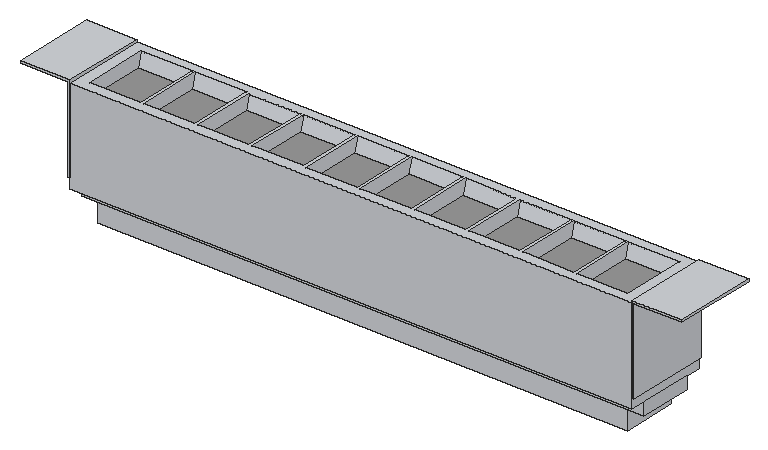
Revit family "2061175 Sylvania Lighting Fixture DOMINO 10xLED 940 BLACK NB TRIMLESS WHITE", category Lighting Fixtures, host Face, Revit 2018
Family settings
  Host = Face
  Round Connector Dimension = Use Diameter
  Part Type = Normal
  OmniClass Number = 23.80.70.00
  OmniClass Title = Lighting
  Cut with Voids When Loaded = No
  Light Source = Yes
  Shared = No
  Room Calculation Point = No
Parameters (values of type "2061175 DOMINO 10XLED 940 BLACK NB TS WHT ")
  top top width = 15.812 mm
  top top length = 255 mm
  Width = 50 mm
  Weight = "n/a"
  Wattage Comments = ""
  Wattage = 9.2903 W
  WarrantyStartDate [instance] = "n/a"
  WarrantyGuarantorParts = "n/a"
  WarrantyDurationUnit = "n/a"
  WarrantyDurationParts = ""
  WarrantyDescription = "http://www.sylvania-lighting.com"
  built-in parameter 1150110 = 1 (stored number, unit not read)
  Voltage = 0 V
  URL = "0.95"
  TypeName = "DOMINO 10xLED 940 BLACK NB TRIMLESS WHITE"
  Type Image = <None>
  Type Comments = "n/a"
  built-in parameter 1114217 = 1 (stored number, unit not read)
  Top Width = 26 mm
  Tilt Angle = 90.00°
  built-in parameter 1150109 = 1 (stored number, unit not read)
  built-in parameter 1150134 = 3
  built-in parameter 1150113 = 1 (stored number, unit not read)
  SerialNumber [instance] = "n/a"
  Recessed Width = 43 mm
  Recessed Length = 276 mm
  Photometric Web File = "2061175.ies"
  Material_3_FEILO = none
  PowerFactor = 0
  PowerConsumption = "Lighting"
  NominalLength = 41 mm
  NominalHeight = 0 mm
  NominalDepth = 0 mm
  Name = "DOMINO 10xLED 940 BLACK NB TRIMLESS WHITE"
  ModelReference = Name  # "DOMINO 10xLED 940 BLACK NB TRIMLESS WHITE"
  ModelNumber = "2061175"
  Model = Name  # "DOMINO 10xLED 940 BLACK NB TRIMLESS WHITE"
  Material = "Feilo Sylvania"
  ManufacturerName = "74 lm/W"
  Manufacturer = ""
  LuminousEfficacy = ""
  built-in parameter 1150105 = 109.82 (stored number, unit not read)
  Lumens = 1380 lm
  LuminaireType = "0"
  built-in parameter 1150115 = 1 (stored number, unit not read)
  LightOutputRatio = "LED"
  built-in parameter 1150137 = (empty or 0)
  built-in parameter 1150139 = (empty or 0)
  Lens inside recess = 25 mm
  Lens Width = 32 mm
  Lens Outside recess = 31.978 mm
  Lens = Glass, White, High Luminance
  Length = 280 mm
  LampsType = Lamp  # "n/a"
  LampNominalLuminous = "4000 K"
  LampMacAdamStep = "90"
  LampColourTemperature = "LED"
  LampColourRenderingIndex = "16500"
  built-in parameter 1150112 = 1 (stored number, unit not read)
  built-in parameter 1150114 = 1 (stored number, unit not read)
  Lamp = "n/a"
  Keynote = "n/a"
  InstallationDate [instance] = "n/a"
  InputVoltage = "0"
  InputNominalFrequency = "4000"
  built-in parameter 1150132 = (empty or 0)
  built-in parameter 1150102 = (empty or 0)
  built-in parameter 1150107 = 3200 (stored number, unit not read)
  built-in parameter 1150138 = (empty or 0)
  IngressProtection = "IfcLightFixtureType"
  ImpactProtectionIndex = "IfcLightFixtureType"
  built-in parameter 1150106 = 1.0982 (stored number, unit not read)
  IfcExportType = "IfcLightFixtureType"
  IfcExportAs = "Class II"
  Facia internal width = 37 mm
  Facia internal length = 268 mm
  Facia Height = 2 mm
  ExpectedLife = 50000
  Emit from Circle Diameter = 609.6 mm
  Emit Shape Visible in Rendering = no
  ElectricShockClassification = "74"
  built-in parameter 1150104 = 13.8 (stored number, unit not read)
  DurationUnit = "hours"
  DocumentationLiterature = "http://www.sylvania-lighting.com/product/en-int/products/2061175"
  DimmingControlOptions = "n/a"
  Material_2_FEILO = none
  Dimming Lamp Color Temperature Shift = <None>
  Description = "Modular LED recessed linear spotlight, ideal for retail and hospitality applications. Die-cast aluminium body, passive cooling. Two levels of reflector installation, low glaring UGR<16. 10x LED source, 15° beam angle , optics: PMMA lens and polycarbonate reflector combination, Black matt reflector finish. Light color temperature: 4000K neutral white, total system power: 23W , total fixture lumen output: 1700lm, efficacy: 74 lm/W, Ra90 typical, LED chromacity: 3 step MacAdam ellipse (SDCM3), lifespan: 96,000 hours at 90% of the original output (L90B10), IR/UV free light source without heat radiation, operating voltage: 220-240V / 50-60Hz, electronic driver, ultra low flicker, non-dimmable , electrical protection: Class II. Degree of Protection: IP40/IP20, suitable for indoor environment only. Ceiling cut-out: 42x42mm, outer dimensions:  272x41mm , trimless frame RAL 9016 - Traffic white / Bezel color.5 years Warranty."
  Default Elevation = 1219.2 mm
  CreatedOn = "11/02/2021"
  CreatedBy = "@sylvania-lighting.com"
  Cost = 0
  Color Filter = 16777215
  built-in parameter 1114216 [instance] = (empty or 0)
  ClassificationValue = "EF_70_80"
  ClassificationName = "Uniclass2015"
  Material_1_FEILO = none
  Body Width = 40 mm
  Body Length = 270 mm
  BarCode [instance] = "n/a"
  built-in parameter 1114218 = 1 (stored number, unit not read)
  built-in parameter 1150133 = 10 (stored number, unit not read)
  AssetType = "Fixed"
  AssetIdentifier [instance] = "n/a"
  Assembly Code = "D5020200"
  Apparent Load = 23 VA
  Material_4_FEILO = none
Reference planes
  plane 1 "Center (Front/Back)": y = 0
  plane 2: z = 0
  plane 3 "Center (Left/Right)": x = 0
  plane 4: z = 0
  plane 5: z = -7
  plane 6: z = -45.895
  plane 7: z = -51.895
  plane 8: z = -60.895
  plane 9: x = -138
  plane 10: x = 138
  plane 11: y = 21.5
  plane 12: y = -21.5
  plane 13: x = -140
  plane 14: x = 140
  plane 15: y = 25
  plane 16: y = -25
  plane 17: x = 134
  plane 18: x = -134
  plane 19: y = 18.5
  plane 20: y = -18.5
  plane 21: z = 2
  plane 22: x = -135
  plane 23: x = 135
  plane 24: y = 20
  plane 25: y = -20
  plane 26: y = 13
  plane 27: y = -13
  plane 28: x = 127.5
  plane 29: x = -127.5
  plane 30: x = -132
  plane 31: y = 16.5
  plane 32: y = -16.472
  plane 33: y = 13
  plane 34: y = -12.972
  plane 35: x = 129.7
  plane 36: x = 127.224
  plane 37: x = -136
  plane 38: z = 1
  plane 39: x = -159
  plane 40: z = -41
  plane 41: x = 159
  plane 42: x = 136
Forms (mm)
  Extrusion 1, solid, not visible, detail levels medium+fine
    sketch origin (4.2, 0, 0) x (1, 0, 0) y (0, 1, 0)
      loop
        line (-29.2, 34.5) -> (-29.2, -34.5) -> (20.8, -34.5) -> (20.8, 34.5) -> (-29.2, 34.5)
    from 0 to 1
  Extrusion 2, solid, not visible, detail levels medium+fine
    sketch origin (4.044, 0, 0) x (1, 0, 0) y (0, 1, 0)
      loop
        line (-29.2, 34.5) -> (-29.2, -34.5) -> (20.8, -34.5) -> (20.8, 34.5) -> (-29.2, 34.5)
    from 0 to 1
  Blend 3, solid, not visible, detail levels medium+fine
    base sketch origin (4.2, 0, 0) x (1, 0, 0) y (0, 1, 0)
      loop
        line (-29.2, 34.5) -> (-29.2, -34.5) -> (20.8, -34.5) -> (20.8, 34.5) -> (-29.2, 34.5)
    top sketch origin (4.2, 0, 0) x (1, 0, 0) y (0, 1, 0)
      loop
        line (-21.7, 28) -> (-21.7, -28) -> (13.3, -28) -> (13.3, 28) -> (-21.7, 28)
    from 1 to 3
  Extrusion 4, solid, not visible, detail levels medium+fine
    sketch origin (3.419, 0, 0) x (1, 0, 0) y (0, 1, 0)
      loop
        line (-29.2, 34.5) -> (-29.2, -34.5) -> (20.8, -34.5) -> (20.8, 34.5) -> (-29.2, 34.5)
    from 0 to 1
  Blend 5, solid, not visible, detail levels medium+fine
    base sketch origin (3.575, 0, 0) x (1, 0, 0) y (0, 1, 0)
      loop
        line (-29.2, 34.5) -> (-29.2, -34.5) -> (20.8, -34.5) -> (20.8, 34.5) -> (-29.2, 34.5)
    top sketch origin (3.575, 0, 0) x (1, 0, 0) y (0, 1, 0)
      loop
        line (-21.7, 28) -> (-21.7, -28) -> (13.3, -28) -> (13.3, 28) -> (-21.7, 28)
    from 1 to 3
  Extrusion 6, solid, not visible, detail levels medium+fine
    sketch origin (4.247, 0, 0) x (1, 0, 0) y (0, 1, 0)
      loop
        line (-29.2, 34.5) -> (-29.2, -34.5) -> (20.8, -34.5) -> (20.8, 34.5) -> (-29.2, 34.5)
    from 0 to 1
  Blend 7, solid, not visible, detail levels medium+fine
    base sketch origin (4.403, 0, 0) x (1, 0, 0) y (0, 1, 0)
      loop
        line (-29.2, 34.5) -> (-29.2, -34.5) -> (20.8, -34.5) -> (20.8, 34.5) -> (-29.2, 34.5)
    top sketch origin (4.403, 0, 0) x (1, 0, 0) y (0, 1, 0)
      loop
        line (-21.7, 28) -> (-21.7, -28) -> (13.3, -28) -> (13.3, 28) -> (-21.7, 28)
    from 1 to 3
  Extrusion 8, void, detail levels medium+fine
    sketch origin (4.2, 0, 0) x (0, 1, 0) y (1, 0, 0)
      loop
        line (21.5, -142.2) -> (21.5, 133.8) -> (-21.5, 133.8) -> (-21.5, -142.2) -> (21.5, -142.2)
    from -9.934 to 83.097
  Extrusion 9, solid, detail levels medium+fine
    sketch origin (4.2, 0, 0) x (1, 0, 0) y (0, 1, 0)
      loop
        line (-139.2, 20) -> (-139.2, -20) -> (130.8, -20) -> (130.8, 20) -> (-139.2, 20)
    from 0 to -45.895
  Extrusion 10, solid, detail levels medium+fine
    sketch origin (4.2, 0, 0) x (1, 0, 0) y (0, 1, 0)
      loop
        line (-139.2, 13) -> (-139.2, -13) -> (130.8, -13) -> (130.8, 13) -> (-139.2, 13)
    from -51.895 to -45.895
  Extrusion 11, solid, material "Glass, White, High Luminance" <- "Lens", detail levels fine
    sketch origin (-53.155, 1221.106, 36.156) x (1, 0, 0) y (0, 1, 0)
      loop
        line (-76.18, -1206.856) -> (-76.18, -1232.856) -> (-52.18, -1232.856) -> (-52.18, -1206.856) -> (-76.18, -1206.856)
    from -43.156 to -42.182
  Extrusion 12, solid, detail levels fine
    sketch origin (0, 0, 0) x (1, 0, 0) y (0, 0, 1)
      loop
        line (-127.5, -51.895) -> (-127.5, -60.895) -> (127.5, -60.895) -> (127.5, -51.895) -> (-127.5, -51.895)
    from -13 to 13
  Blend 13, void
    base sketch origin (-59.8, 0, 0) x (0, 1, 0) y (-1, 0, 0)
      loop
        line (16.5, 69.7) -> (-16.472, 69.7) -> (-16.472, 44.7) -> (16.5, 44.7) -> (16.5, 69.7)
    top sketch origin (-59.8, 0, 0) x (0, 1, 0) y (-1, 0, 0)
      loop
        line (13, 69.2) -> (-12.972, 69.2) -> (-12.972, 45.2) -> (13, 45.2) -> (13, 69.2)
    from 3 to -7
  Blend 14, void
    base sketch origin (18.282, 0, 0) x (0, 1, 0) y (-1, 0, 0)
      loop
        line (16.5, 69.7) -> (-16.472, 69.7) -> (-16.472, 44.7) -> (16.5, 44.7) -> (16.5, 69.7)
    top sketch origin (18.282, 0, 0) x (0, 1, 0) y (-1, 0, 0)
      loop
        line (13, 69.2) -> (-12.972, 69.2) -> (-12.972, 45.2) -> (13, 45.2) -> (13, 69.2)
    from 3 to -7
  Blend 15, void
    base sketch origin (44.284, -0.017, 0) x (0, 1, 0) y (-1, 0, 0)
      loop
        line (16.5, 69.7) -> (-16.472, 69.7) -> (-16.472, 44.7) -> (16.5, 44.7) -> (16.5, 69.7)
    top sketch origin (44.284, -0.017, 0) x (0, 1, 0) y (-1, 0, 0)
      loop
        line (13, 69.2) -> (-12.972, 69.2) -> (-12.972, 45.2) -> (13, 45.2) -> (13, 69.2)
    from 3 to -7
  Blend 16, void
    base sketch origin (70.327, 0, 0) x (0, 1, 0) y (-1, 0, 0)
      loop
        line (16.5, 69.7) -> (-16.472, 69.7) -> (-16.472, 44.7) -> (16.5, 44.7) -> (16.5, 69.7)
    top sketch origin (70.327, 0, 0) x (0, 1, 0) y (-1, 0, 0)
      loop
        line (13, 69.2) -> (-12.972, 69.2) -> (-12.972, 45.2) -> (13, 45.2) -> (13, 69.2)
    from 3 to -7
  Blend 17, void
    base sketch origin (96.351, 0, 0) x (0, 1, 0) y (-1, 0, 0)
      loop
        line (16.5, 69.7) -> (-16.472, 69.7) -> (-16.472, 44.7) -> (16.5, 44.7) -> (16.5, 69.7)
    top sketch origin (96.351, 0, 0) x (0, 1, 0) y (-1, 0, 0)
      loop
        line (13, 69.2) -> (-12.972, 69.2) -> (-12.972, 45.2) -> (13, 45.2) -> (13, 69.2)
    from 3 to -7
  Extrusion 18, solid, material "Glass, White, High Luminance" <- "Lens", detail levels fine
    sketch origin (-29.269, 1219.946, 36.156) x (1, 0, 0) y (0, 1, 0)
      loop
        line (-73.723, -1206.946) -> (-73.723, -1232.946) -> (-49.723, -1232.946) -> (-49.723, -1206.946) -> (-73.723, -1206.946)
    from -43.156 to -42.182
  Extrusion 19, solid, material "Glass, White, High Luminance" <- "Lens", detail levels fine
    sketch origin (-0.613, 1219.733, 36.156) x (1, 0, 0) y (0, 1, 0)
      loop
        line (-76.347, -1206.7) -> (-76.347, -1232.733) -> (-52.347, -1232.733) -> (-52.347, -1206.7) -> (-76.347, -1206.7)
    from -43.156 to -42.182
  Extrusion 20, solid, material "Glass, White, High Luminance" <- "Lens", detail levels fine
    sketch origin (24.387, 1218.509, 36.156) x (1, 0, 0) y (0, 1, 0)
      loop
        line (-75.305, -1205.509) -> (-75.305, -1231.509) -> (-51.305, -1231.509) -> (-51.305, -1205.509) -> (-75.305, -1205.509)
    from -43.156 to -42.182
  Extrusion 21, solid, material "Glass, White, High Luminance" <- "Lens", detail levels fine
    sketch origin (51.187, 1219.547, 36.156) x (1, 0, 0) y (0, 1, 0)
      loop
        line (-76.102, -1206.547) -> (-76.102, -1232.547) -> (-52.102, -1232.547) -> (-52.102, -1206.547) -> (-76.102, -1206.547)
    from -43.156 to -42.182
  Blend 22, void
    base sketch origin (-33.792, 0, 0) x (0, 1, 0) y (-1, 0, 0)
      loop
        line (16.5, 69.7) -> (-16.472, 69.7) -> (-16.472, 44.7) -> (16.5, 44.7) -> (16.5, 69.7)
    top sketch origin (-33.792, 0, 0) x (0, 1, 0) y (-1, 0, 0)
      loop
        line (13, 69.2) -> (-12.972, 69.2) -> (-12.972, 45.2) -> (13, 45.2) -> (13, 69.2)
    from 3 to -7
  Blend 23, void
    base sketch origin (-7.76, 0, 0) x (0, 1, 0) y (-1, 0, 0)
      loop
        line (16.5, 69.7) -> (-16.472, 69.7) -> (-16.472, 44.7) -> (16.5, 44.7) -> (16.5, 69.7)
    top sketch origin (-7.76, 0, 0) x (0, 1, 0) y (-1, 0, 0)
      loop
        line (13, 69.2) -> (-12.972, 69.2) -> (-12.972, 45.2) -> (13, 45.2) -> (13, 69.2)
    from 3 to -7
  Blend 24, void
    base sketch origin (122.411, 0, 0) x (0, 1, 0) y (-1, 0, 0)
      loop
        line (16.5, 69.7) -> (-16.472, 69.7) -> (-16.472, 44.7) -> (16.5, 44.7) -> (16.5, 69.7)
    top sketch origin (122.411, 0, 0) x (0, 1, 0) y (-1, 0, 0)
      loop
        line (13, 69.2) -> (-12.972, 69.2) -> (-12.972, 45.2) -> (13, 45.2) -> (13, 69.2)
    from 3 to -7
  Extrusion 25, solid, material "Glass, White, High Luminance" <- "Lens", detail levels fine
    sketch origin (77.265, 1219.547, 36.156) x (1, 0, 0) y (0, 1, 0)
      loop
        line (-76.102, -1206.547) -> (-76.102, -1232.547) -> (-52.102, -1232.547) -> (-52.102, -1206.547) -> (-76.102, -1206.547)
    from -43.156 to -42.182
  Extrusion 26, solid, material "Glass, White, High Luminance" <- "Lens", detail levels fine
    sketch origin (100.753, 1219.547, 36.156) x (1, 0, 0) y (0, 1, 0)
      loop
        line (-76.102, -1206.547) -> (-76.102, -1232.547) -> (-52.102, -1232.547) -> (-52.102, -1206.547) -> (-76.102, -1206.547)
    from -43.156 to -42.182
  Extrusion 27, solid, material "Glass, White, High Luminance" <- "Lens", detail levels fine
    sketch origin (129.314, 1219.547, 36.156) x (1, 0, 0) y (0, 1, 0)
      loop
        line (-76.102, -1206.547) -> (-76.102, -1232.547) -> (-52.102, -1232.547) -> (-52.102, -1206.547) -> (-76.102, -1206.547)
    from -43.156 to -42.182
  Blend 28, void
    base sketch origin (148.416, 0, 0) x (0, 1, 0) y (-1, 0, 0)
      loop
        line (16.5, 69.7) -> (-16.472, 69.7) -> (-16.472, 44.7) -> (16.5, 44.7) -> (16.5, 69.7)
    top sketch origin (148.416, 0, 0) x (0, 1, 0) y (-1, 0, 0)
      loop
        line (13, 69.2) -> (-12.972, 69.2) -> (-12.972, 45.2) -> (13, 45.2) -> (13, 69.2)
    from 3 to -7
  Extrusion 29, solid, material "Glass, White, High Luminance" <- "Lens", detail levels fine
    sketch origin (155.278, 1219.547, 36.156) x (1, 0, 0) y (0, 1, 0)
      loop
        line (-76.102, -1206.547) -> (-76.102, -1232.547) -> (-52.102, -1232.547) -> (-52.102, -1206.547) -> (-76.102, -1206.547)
    from -43.156 to -42.182
  Blend 30, void
    base sketch origin (174.42, 0, 0) x (0, 1, 0) y (-1, 0, 0)
      loop
        line (16.5, 69.7) -> (-16.472, 69.7) -> (-16.472, 44.7) -> (16.5, 44.7) -> (16.5, 69.7)
    top sketch origin (174.42, 0, 0) x (0, 1, 0) y (-1, 0, 0)
      loop
        line (13, 69.2) -> (-12.972, 69.2) -> (-12.972, 45.2) -> (13, 45.2) -> (13, 69.2)
    from 3 to -7
  Extrusion 31, solid, material "Glass, White, High Luminance" <- "Lens", detail levels fine
    sketch origin (181.434, 1219.547, 36.156) x (1, 0, 0) y (0, 1, 0)
      loop
        line (-76.214, -1206.547) -> (-76.214, -1232.547) -> (-52.214, -1232.547) -> (-52.214, -1206.547) -> (-76.214, -1206.547)
    from -43.156 to -42.182
  Extrusion 32, solid, detail levels coarse
    sketch origin (4.2, 0, 0) x (1, 0, 0) y (0, 1, 0)
      loop
        line (-163.2, 25) -> (-163.2, -25) -> (154.8, -25) -> (154.8, 25) -> (-163.2, 25)
    from -60.895 to 1
  Extrusion 33, solid, detail levels medium+fine
    sketch origin (0, 0, 0) x (1, 0, 0) y (0, 0, 1)
      loop
        line (-135, -41) -> (-135, 1) -> (-159, 1) -> (-159, 0) -> (-136, 0) -> (-136, -41) -> (-135, -41)
    from -20 to 20
  Extrusion 34, solid, detail levels medium+fine
    sketch origin (0, 0, 0) x (1, 0, 0) y (0, 0, 1)
      loop
        line (159, 1) -> (135, 1) -> (135, -41) -> (136, -41) -> (136, 0) -> (159, 0) -> (159, 1)
    from -20 to 20
Cuts and joins
  Blend 13, Blend 14, Blend 15, Blend 16, Blend 17, Blend 22, Blend 23, Blend 24, Blend 28, Blend 30 cuts Extrusion 9
  Blend 30 cuts Extrusion 29
Dimensions and locks
  "Recessed Length": plane 9 to plane 10
  equal spacing: plane 9, plane 3 "Center (Left/Right)", plane 10
  "Length": plane 13 to plane 14
  equal spacing: plane 13, plane 3 "Center (Left/Right)", plane 14
  "Recessed Width": plane 11 to plane 12
  equal spacing: plane 11, plane 1 "Center (Front/Back)", plane 12
  "Width": plane 15 to plane 16
  equal spacing: plane 15, plane 1 "Center (Front/Back)", plane 16
  "Facia internal length": plane 18 to plane 17
  equal spacing: plane 18, plane 3 "Center (Left/Right)", plane 17
  "Facia internal width": plane 19 to plane 20
  equal spacing: plane 19, plane 1 "Center (Front/Back)", plane 20
  "Facia Height": plane 21 to host face
  "Body Length": plane 22 to plane 23
  equal spacing: plane 22, plane 3 "Center (Left/Right)", plane 23
  "Body Width": plane 24 to plane 25
  equal spacing: plane 24, plane 1 "Center (Front/Back)", plane 25
  "Top Width": plane 26 to plane 27
  equal spacing: plane 26, plane 1 "Center (Front/Back)", plane 27
  "top top length": plane 29 to plane 28
  equal spacing: plane 29, plane 3 "Center (Left/Right)", plane 28  (x2)
  plane 28 to plane 29 = 255 mm
  equal spacing: plane 28, plane 3 "Center (Left/Right)", plane 29
  aligned and locked: plane 2 to host face
  aligned and locked: level to host face
  aligned and locked: Extrusion 10 to plane 7
  aligned and locked: Extrusion 9 to plane 6
  aligned and locked: Extrusion 11 to plane 5
Automatic sketch dimensions
  Extrusion 1 sketch curve to Extrusion 1 sketch curve = 50 mm
  Extrusion 1 sketch curve to Extrusion 1 sketch curve = 69 mm
  Extrusion 2 sketch curve to Extrusion 2 sketch curve = 50 mm
  Extrusion 2 sketch curve to Extrusion 2 sketch curve = 69 mm
  Blend 3 sketch curve to Blend 3 sketch curve = 50 mm
  Blend 3 sketch curve to Blend 3 sketch curve = 69 mm
  Blend 3 sketch curve to Blend 3 sketch curve = 35 mm
  Blend 3 sketch curve to Blend 3 sketch curve = 56 mm
  Extrusion 4 sketch curve to Extrusion 4 sketch curve = 50 mm
  Extrusion 4 sketch curve to Extrusion 4 sketch curve = 69 mm
  Blend 5 sketch curve to Blend 5 sketch curve = 50 mm
  Blend 5 sketch curve to Blend 5 sketch curve = 69 mm
  Blend 5 sketch curve to Blend 5 sketch curve = 35 mm
  Blend 5 sketch curve to Blend 5 sketch curve = 56 mm
  Extrusion 6 sketch curve to Extrusion 6 sketch curve = 50 mm
  Extrusion 6 sketch curve to Extrusion 6 sketch curve = 69 mm
  Blend 7 sketch curve to Blend 7 sketch curve = 50 mm
  Blend 7 sketch curve to Blend 7 sketch curve = 69 mm
  Blend 7 sketch curve to Blend 7 sketch curve = 35 mm
  Blend 7 sketch curve to Blend 7 sketch curve = 56 mm
  host sketch curve to host sketch curve = 2438.4 mm  (x2)
  Extrusion 8 sketch curve to plane 9 = 0 mm
  Extrusion 8 sketch curve to plane 12 = 0 mm
  Extrusion 8 sketch curve to plane 11 = 0 mm
  Extrusion 8 sketch curve to plane 10 = 0 mm
  Extrusion 9 sketch curve to plane 22 = 0 mm
  Extrusion 9 sketch curve to plane 23 = 0 mm
  Extrusion 9 sketch curve to plane 25 = 0 mm
  Extrusion 9 sketch curve to plane 24 = 0 mm
  Extrusion 10 sketch curve to plane 22 = 0 mm
  Extrusion 10 sketch curve to plane 23 = 0 mm
  Extrusion 10 sketch curve to plane 27 = 0 mm
  plane 26 to Extrusion 10 sketch curve = 0 mm
  plane 27 to Extrusion 11 sketch curve = 1.25 mm
  plane 26 to Extrusion 11 sketch curve = 1.25 mm
  plane 30 to Extrusion 11 sketch curve = 2.665 mm
  Extrusion 12 sketch curve to plane 8 = 0 mm
  Extrusion 12 sketch curve to plane 29 = 0 mm
  Extrusion 12 sketch curve to plane 28 = 0 mm
  Extrusion 12 sketch curve to plane 7 = 0 mm
  plane 30 to Blend 13 sketch curve = 2.5 mm
  Blend 13 sketch curve to plane 32 = 0 mm
  Blend 13 sketch curve to plane 31 = 0 mm
  Blend 13 sketch curve to plane 34 = 0 mm
  Blend 13 sketch curve to plane 26 = 0 mm
  plane 30 to Blend 13 sketch curve = 3 mm
  Blend 14 sketch curve to plane 32 = 0 mm
  Blend 14 sketch curve to plane 31 = 0 mm
  Blend 14 sketch curve to plane 34 = 0 mm
  Blend 14 sketch curve to plane 26 = 0 mm
  Blend 15 sketch curve to plane 32 = 0.017 mm
  Blend 15 sketch curve to plane 31 = 0.017 mm
  plane 27 to Blend 15 sketch curve = 0.011 mm
  Blend 15 sketch curve to plane 26 = 0.017 mm
  plane 32 to Blend 16 sketch curve = 0 mm
  plane 31 to Blend 16 sketch curve = 0 mm
  plane 34 to Blend 16 sketch curve = 0 mm
  plane 26 to Blend 16 sketch curve = 0 mm
  Blend 17 sketch curve to plane 32 = 0 mm
  Blend 17 sketch curve to plane 31 = 0 mm
  Blend 17 sketch curve to plane 34 = 0 mm
  Blend 17 sketch curve to plane 26 = 0 mm
  Extrusion 18 sketch curve to plane 27 = 0 mm
  Extrusion 18 sketch curve to plane 26 = 0 mm
  Extrusion 19 sketch curve to plane 27 = 0 mm
  plane 26 to Extrusion 19 sketch curve = 0.033 mm
  Extrusion 20 sketch curve to plane 27 = 0 mm
  Extrusion 20 sketch curve to plane 26 = 0 mm
  Extrusion 21 sketch curve to plane 27 = 0 mm
  Extrusion 21 sketch curve to plane 26 = 0 mm
  Blend 22 sketch curve to plane 32 = 0 mm
  Blend 22 sketch curve to plane 31 = 0 mm
  Blend 22 sketch curve to plane 34 = 0 mm
  Blend 22 sketch curve to plane 26 = 0 mm
  Blend 23 sketch curve to plane 32 = 0 mm
  Blend 23 sketch curve to plane 31 = 0 mm
  Blend 23 sketch curve to plane 34 = 0 mm
  Blend 23 sketch curve to plane 26 = 0 mm
  Blend 24 sketch curve to plane 32 = 0 mm
  Blend 24 sketch curve to plane 31 = 0 mm
  Blend 24 sketch curve to plane 34 = 0 mm
  Blend 24 sketch curve to plane 26 = 0 mm
  Extrusion 25 sketch curve to plane 27 = 0 mm
  Extrusion 25 sketch curve to plane 26 = 0 mm
  Extrusion 26 sketch curve to plane 27 = 0 mm
  Extrusion 26 sketch curve to plane 26 = 0 mm
  Extrusion 27 sketch curve to plane 27 = 0 mm
  Extrusion 27 sketch curve to plane 26 = 0 mm
  Blend 28 sketch curve to plane 32 = 0 mm
  Blend 28 sketch curve to plane 31 = 0 mm
  Blend 28 sketch curve to plane 34 = 0 mm
  Blend 28 sketch curve to plane 26 = 0 mm
  Extrusion 29 sketch curve to plane 27 = 0 mm
  Extrusion 29 sketch curve to plane 26 = 0 mm
  Blend 30 sketch curve to plane 32 = 0 mm
  Blend 30 sketch curve to plane 31 = 0 mm
  plane 28 to Blend 30 sketch curve = 2.22 mm
  Blend 30 sketch curve to plane 34 = 0 mm
  Blend 30 sketch curve to plane 26 = 0 mm
  plane 28 to Blend 30 sketch curve = 1.72 mm
  plane 27 to Extrusion 31 sketch curve = 0 mm
  plane 26 to Extrusion 31 sketch curve = 0 mm
  plane 28 to Extrusion 31 sketch curve = 1.72 mm
  Extrusion 19 sketch curve to Extrusion 19 sketch curve = 24 mm
  Blend 23 sketch curve to Blend 23 sketch curve = 24 mm
  plane 29 to Extrusion 11 sketch curve = 22.165 mm
  plane 29 to Blend 13 sketch curve = 23 mm
  plane 29 to Blend 13 sketch curve = 22.5 mm
  plane 29 to Extrusion 18 sketch curve = 24.508 mm
  Extrusion 18 sketch curve to Extrusion 18 sketch curve = 24 mm
  plane 29 to Blend 22 sketch curve = 49.008 mm
  plane 29 to Blend 22 sketch curve = 24.008 mm
  plane 29 to Blend 22 sketch curve = 48.508 mm
  Blend 22 sketch curve to Blend 22 sketch curve = 24 mm
  Blend 23 sketch curve to Blend 23 sketch curve = 25 mm
  Blend 14 sketch curve to Blend 14 sketch curve = 25 mm
  Blend 14 sketch curve to Blend 14 sketch curve = 24 mm
  plane 29 to Extrusion 19 sketch curve = 50.54 mm
  Extrusion 20 sketch curve to Extrusion 20 sketch curve = 24 mm
  Blend 14 sketch curve to plane 3 "Center (Left/Right)" = 26.418 mm
  Blend 14 sketch curve to plane 3 "Center (Left/Right)" = 26.918 mm
  Blend 15 sketch curve to plane 3 "Center (Left/Right)" = 0.416 mm
  Blend 15 sketch curve to Blend 15 sketch curve = 25 mm
  Blend 15 sketch curve to plane 3 "Center (Left/Right)" = 0.916 mm
  Blend 15 sketch curve to Blend 15 sketch curve = 24 mm
  plane 3 "Center (Left/Right)" to Blend 16 sketch curve = 0.627 mm
  plane 3 "Center (Left/Right)" to Blend 16 sketch curve = 1.127 mm
  Extrusion 20 sketch curve to plane 3 "Center (Left/Right)" = 50.918 mm
  Extrusion 21 sketch curve to plane 3 "Center (Left/Right)" = 24.916 mm
  Extrusion 21 sketch curve to plane 3 "Center (Left/Right)" = 0.916 mm
  Blend 23 sketch curve to plane 3 "Center (Left/Right)" = 52.46 mm
  Blend 23 sketch curve to plane 3 "Center (Left/Right)" = 52.96 mm
  plane 3 "Center (Left/Right)" to Extrusion 25 sketch curve = 1.162 mm
  Blend 16 sketch curve to Blend 16 sketch curve = 25 mm
  Blend 16 sketch curve to Blend 16 sketch curve = 24 mm
  plane 3 "Center (Left/Right)" to Blend 17 sketch curve = 51.651 mm
  Blend 17 sketch curve to Blend 17 sketch curve = 25 mm
  plane 3 "Center (Left/Right)" to Blend 17 sketch curve = 51.151 mm
  Blend 17 sketch curve to Blend 17 sketch curve = 24 mm
  Blend 24 sketch curve to plane 36 = 49.513 mm
  Blend 24 sketch curve to Blend 24 sketch curve = 25 mm
  Blend 24 sketch curve to plane 36 = 50.013 mm
  Blend 24 sketch curve to Blend 24 sketch curve = 24 mm
  Extrusion 25 sketch curve to Extrusion 25 sketch curve = 24 mm
  plane 3 "Center (Left/Right)" to Extrusion 26 sketch curve = 24.651 mm
  Extrusion 26 sketch curve to Extrusion 26 sketch curve = 24 mm
  plane 3 "Center (Left/Right)" to Extrusion 27 sketch curve = 53.211 mm
  Extrusion 27 sketch curve to Extrusion 27 sketch curve = 24 mm
  Blend 28 sketch curve to plane 36 = 23.508 mm
  Blend 28 sketch curve to Blend 28 sketch curve = 25 mm
  Blend 28 sketch curve to plane 36 = 24.008 mm
  Blend 28 sketch curve to Blend 28 sketch curve = 24 mm
  Extrusion 29 sketch curve to plane 36 = 48.048 mm
  Extrusion 29 sketch curve to Extrusion 29 sketch curve = 24 mm
  Blend 30 sketch curve to plane 36 = 22.504 mm
  Blend 30 sketch curve to plane 36 = 22.004 mm
  Extrusion 31 sketch curve to plane 36 = 22.004 mm
  Extrusion 32 sketch curve to plane 13 = 19 mm
  plane 14 to Extrusion 32 sketch curve = 19 mm
  Extrusion 32 sketch curve to plane 16 = 0 mm
  Extrusion 32 sketch curve to plane 15 = 0 mm
  Extrusion 33 sketch curve to level = 0 mm
  Extrusion 33 sketch curve to plane 39 = 0 mm
  Extrusion 33 sketch curve to plane 37 = 0 mm
  Extrusion 33 sketch curve to plane 22 = 0 mm
  Extrusion 33 sketch curve to plane 40 = 0 mm
  Extrusion 33 sketch curve to plane 38 = 0 mm
  Extrusion 34 sketch curve to plane 23 = 0 mm
  Extrusion 34 sketch curve to plane 40 = 0 mm
  Extrusion 34 sketch curve to plane 42 = 0 mm
  Extrusion 34 sketch curve to plane 41 = 0 mm
  Extrusion 34 sketch curve to level = 0 mm
  Extrusion 34 sketch curve to plane 38 = 0 mm
Connectors
  electrical at (0, 0, -60.895)
    settings: on Extrusion 12, index 1, voltage 0 V, apparent load 0 VA, apparent load phase1 0 VA, apparent load phase2 0 VA, apparent load phase3 0 VA, power factor 1, load classification "Other", number of poles 1, system type 31, power factor state 1, is connector primary yes, connector utility no, sub classification motor no, connector description ""
